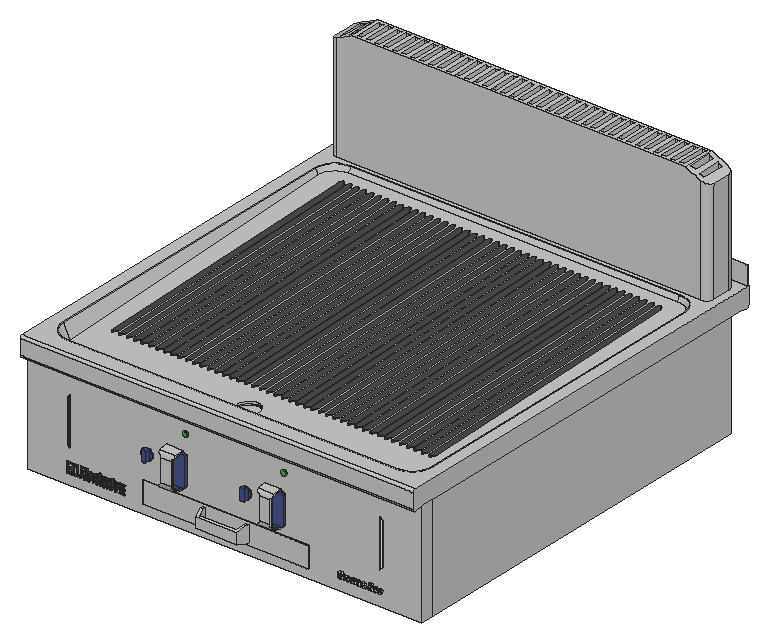
Revit family "QF_ELECTROLUXPROFESSIONAL_593110_MBHNBBHOVO", category Specialty Equipment, Revit 2014 (continued)
Definition of nested family "Front_Panel_W800_Two Knobs_2Spie_Manop"
  Automatic sketch dimensions
    Extrusion 14 sketch curve to Extrusion 14 sketch curve = 0 mm  (x3)
    Extrusion 14 sketch curve to plane 7 = 61.135 mm
    level to Extrusion 14 sketch curve = 751.395 mm
    Extrusion 14 sketch curve to Extrusion 14 sketch curve = 10.583 mm  (x2)
    Extrusion 14 sketch curve to Extrusion 14 sketch curve = 4.5 mm
    plane 3 "Center (Left/Right)" to Extrusion 15 sketch curve = 43.365 mm
    level to Extrusion 15 sketch curve = 761.978 mm
    plane 3 "Center (Left/Right)" to Extrusion 16 sketch curve = 43.365 mm
    level to Extrusion 16 sketch curve = 761.978 mm
    Extrusion 17 sketch curve to Extrusion 17 sketch curve = 0 mm  (x3)
    plane 3 "Center (Left/Right)" to Extrusion 17 sketch curve = 38.865 mm
    level to Extrusion 17 sketch curve = 751.395 mm
    Extrusion 17 sketch curve to Extrusion 17 sketch curve = 10.583 mm  (x2)
    Extrusion 17 sketch curve to Extrusion 17 sketch curve = 4.5 mm
    plane 6 to curve 1 = 0 mm
    curve 10 to plane 8 = 0 mm
    plane 6 to curve 5 = 0 mm
    curve 1 to plane 7 = 66.5 mm
    curve 9 to plane 3 "Center (Left/Right)" = 40.32 mm
    curve 3 to curve 10 = 4.122 mm
    curve 8 to plane 8 = 19.075 mm
    plane 3 "Center (Left/Right)" to curve 8 = 39.357 mm
    curve 7 to curve 4 = 4.122 mm
    plane 12 to curve 2 = 66.5 mm
    curve 4 to curve 7 = 5 mm
    curve 9 to curve 7 = 8.801 mm
    curve 9 to curve 10 = 5.094 mm
    curve 7 to curve 8 = 3.708 mm
    curve 8 to curve 4 = 5.094 mm
    curve 1 to curve 6 = 10 mm
    radius of Extrusion 4 sketch curve = 5 mm
    radius of Extrusion 5 sketch curve = 5 mm
    radius of Extrusion 12 sketch curve = 11.5 mm
    radius of Extrusion 13 sketch curve = 8.098 mm
    radius of Extrusion 15 sketch curve = 11.5 mm
    radius of Extrusion 16 sketch curve = 8.098 mm
  Nested families
    nested 1: "Range Control Handle" at (97.851, -28.137, -209.113) x (-1, 0, 0) z (0, 0, 1), type "Range Control Handle"
    nested 2: "Range Control Handle" at (297.398, -28.137, -209.113), type "Range Control Handle"
    nested 3: "ELX_ThermaLine_Small" at (468.838, -25, 679.426) x (1, 0, 0) z (0, -1, 0), type "ELX_ThermaLine_Small"
      with Show Logo yes, Material_Logo QF_Finishes_Black
    nested 4: "ELX_Professional_Logo_Small" at (-62.89, -25, 681.659) x (1, 0, 0) z (0, -1, 0), type "ELX_Professional_Logo_Small"
      with Show Logo yes, Material_Logo QF_Finishes_Black
  Definition of nested family "Range Control Handle"
    Reference planes
      plane 1 "Center (Front/Back)": y = 0
      plane 2: z = 0
      plane 3 "Center (Left/Right)": x = 0
      plane 4: z = 971.092
      plane 5: y = -16.9
    Forms (mm)
      Extrusion 1, solid, material "QF_Finishes_Electrolux Cyan"
        sketch origin (-746.28, 380.497, 208.931) x (-1, 0, 0) y (0, 0, 1)
          loop
            line (-770.101, 786.798) -> (-770.101, 731.649)
            arc (-770.101, 731.649) -> (-769.759, 730.563) -> (-768.855, 729.87) r 1.893
            line (-768.855, 729.87) -> (-763.474, 727.911) -> (-729.81, 727.911) -> (-724.428, 729.87)
            arc (-724.428, 729.87) -> (-723.525, 730.563) -> (-723.183, 731.649) r 1.893
            line (-723.183, 731.649) -> (-723.183, 786.798)
            arc (-723.183, 786.798) -> (-723.529, 787.894) -> (-724.44, 788.593) r 1.91
            line (-724.44, 788.593) -> (-729.683, 790.819) -> (-763.601, 790.819) -> (-768.844, 788.593)
            arc (-768.844, 788.593) -> (-769.755, 787.894) -> (-770.101, 786.798) r 1.91
        from -382.35 to -378.852
      Sweep 2, solid, material "QF_Finishes_Electrolux Cyan"
        path origin (-746.788, 380.496, 208.091) x (0, -1, 0) y (0, 0, 1)
          loop
            line (379.775, 793.281) -> (395.661, 791.048)
            arc (395.661, 791.048) -> (397.781, 787.377) -> (398.517, 783.202) r 12.207
            line (398.517, 783.202) -> (398.517, 737.368)
            arc (398.517, 737.368) -> (397.781, 733.193) -> (395.661, 729.522) r 12.207
            line (395.661, 729.522) -> (379.775, 727.289)
        profile origin (-746.788, -7.222, 1000.256) x (0, -0.139173, 0.990268) y (-1, 0, 0)
          loop
            line (0.782, -763.123) -> (0.782, -730.907) -> (-1.322, -730.907) -> (-1.322, -763.123) -> (0.782, -763.123)
      Sweep 3, solid, material "QF_Finishes_Stainless Steel"
        path origin (-746.788, 380.715, 207.832) x (0, -1, 0) y (0, 0, 1)
          loop
            line (380.478, 795.442) -> (397.218, 793.09)
            arc (397.218, 793.09) -> (399.929, 788.473) -> (400.871, 783.202) r 15.207
            line (400.871, 783.202) -> (400.871, 737.584)
            arc (400.871, 737.584) -> (399.914, 732.274) -> (397.164, 727.633) r 15.207
            line (397.164, 727.633) -> (380.601, 725.305)
        profile origin (-746.788, -8.132, 1002.099) x (0, -0.139173, 0.990268) y (-1, 0, 0)
          loop
            line (0.782, -763.123) -> (0.782, -730.907) -> (-1.322, -730.907) -> (-1.322, -763.123) -> (0.782, -763.123)
      Extrusion 4, void
        sketch origin (889.253, 220.666, 207.993) x (1, 0, 0) y (0, 0, 1)
          loop
            line (-943.038, 816.854) -> (-943.038, 703.686) -> (-899.466, 734.196) -> (-899.466, 786.344) -> (-943.038, 816.854)
        from 230.636 to 242.25
      Extrusion 5, void
        sketch origin (-888.8, 220.666, 207.993) x (-1, 0, 0) y (0, 0, -1)
          loop
            line (-943.038, -816.854) -> (-899.466, -786.344) -> (-899.466, -734.196) -> (-943.038, -703.686) -> (-943.038, -816.854)
        from 230.636 to 242.25
      Extrusion 6, solid, material "QF_Finishes_Electrolux Cyan"
        sketch origin (0, 0, 0) x (1, 0, 0) y (0, 0, 1)
          loop
            circle (0, 971.092) r 7.736
        from -3.137 to -1.645
    Cuts and joins
      Extrusion 4, Extrusion 5 cuts Sweep 3
      Extrusion 4, Extrusion 5 cuts Sweep 2
      joined: Extrusion 1, Extrusion 6
    Lines and regions (mm)
      symbolic lines
        curve 1: line (16.334, -16.9, 0) -> (16.334, -19.227, 0)
        curve 2: spline (16.334, -19.227, 0) -> (15.87, -19.385, 0) -> (15.404, -19.536, 0) -> (14.936, -19.678, 0) -> (14.466, -19.813, 0) -> (13.995, -19.94, 0) -> (13.523, -20.059, 0) -> (13.049, -20.171, 0) -> (12.575, -20.274, 0) -> (12.099, -20.37, 0) -> (11.622, -20.458, 0) -> (11.144, -20.537, 0) -> (10.666, -20.609, 0)
        curve 3: line (10.666, -16.9, 0) -> (10.666, -20.938, 0)
        curve 4: line (-10.213, -20.938, 0) -> (10.666, -20.938, 0)
        curve 5: line (-10.213, -20.938, 0) -> (-10.213, -16.9, 0)
        curve 6: spline (-10.213, -20.609, 0) -> (-10.691, -20.537, 0) -> (-11.169, -20.458, 0) -> (-11.646, -20.37, 0) -> (-12.122, -20.274, 0) -> (-12.597, -20.171, 0) -> (-13.07, -20.059, 0) -> (-13.542, -19.94, 0) -> (-14.013, -19.813, 0) -> (-14.483, -19.678, 0) -> (-14.951, -19.536, 0) -> (-15.417, -19.385, 0) -> (-15.881, -19.227, 0)
        curve 7: line (-15.881, -19.227, 0) -> (-15.881, -16.9, 0)
  Definition of nested family "ELX_ThermaLine_Small"
    Parameters (values of type "ELX_ThermaLine_Small")
      Show Logo [instance] = yes
      Material_Logo [instance] = QF_Finishes_Black
      Default Elevation = 0 mm
    Reference planes
      plane 1 "Centro (Fronte/Retro)": y = 0
      plane 2: z = 0
      plane 3 "Centro (Sinistra/Destra)": x = 0
    Forms (mm)
      Extrusion 1, solid
        sketch origin (0, 0, 0) x (1, 0, 0) y (0, 1, 0)
          loop
            line (-1219.2, 1219.2) -> (-1219.2, -1219.2) -> (1219.2, -1219.2) -> (1219.2, 1219.2) -> (-1219.2, 1219.2)
        from 0 to -304.8
      Extrusion 2, solid, material "QF_Finishes_White"
        sketch origin (0, 0, 0) x (1, 0, 0) y (0, 1, 0)
          loop
            line (-37.494, 1.229) -> (-35.908, 1.229) -> (-35.908, 3.066) -> (-37.494, 3.066) -> (-37.494, 6.221) -> (-39.867, 4.881) -> (-39.867, 3.066) -> (-40.969, 3.066) -> (-40.969, 1.229) -> (-39.867, 1.229) -> (-39.867, -3.407)
            arc (-39.867, -3.407) -> (-38.982, -5.513) -> (-36.751, -6.001) r 2.478
            line (-36.751, -6.001) -> (-35.638, -5.7) -> (-35.9, -3.835) -> (-36.661, -4.039)
            arc (-36.661, -4.039) -> (-37.236, -3.924) -> (-37.494, -3.399) r 0.662
            line (-37.494, -3.399) -> (-37.494, 1.229)
          loop
            line (-34.242, 6.539) -> (-34.242, -5.848) -> (-31.854, -5.848) -> (-31.854, -0.078)
            arc (-31.854, -0.078) -> (-30.939, 1.249) -> (-29.33, 1.367) r 1.866
            arc (-29.33, 1.367) -> (-28.695, 0.768) -> (-28.461, -0.073) r 1.627
            line (-28.461, -0.073) -> (-28.461, -5.848) -> (-26.086, -5.848) -> (-26.064, -0.46)
            arc (-26.064, -0.46) -> (-26.261, 0.932) -> (-26.786, 2.237) r 5.825
            arc (-26.786, 2.237) -> (-29.381, 3.264) -> (-31.854, 1.971) r 3.353
            line (-31.854, 1.971) -> (-31.854, 6.539) -> (-34.242, 6.539)
          loop
            arc (-18.398, -0.598) -> (-18.893, 0.879) -> (-20.326, 1.487) r 1.897
            arc (-20.326, 1.487) -> (-21.461, 0.708) -> (-21.897, -0.598) r 2.164
            line (-21.897, -0.598) -> (-18.398, -0.598)
          loop
            arc (-16.021, -2.044) -> (-16.754, 1.227) -> (-19.444, 3.226) r 4.814
            arc (-19.444, 3.226) -> (-22.137, 2.788) -> (-23.943, 0.743) r 4.054
            arc (-23.943, 0.743) -> (-24.382, -1.249) -> (-24.162, -3.276) r 6.289
            arc (-24.162, -3.276) -> (-23.302, -4.71) -> (-21.958, -5.705) r 4.28
            arc (-21.958, -5.705) -> (-18.558, -5.814) -> (-16.152, -3.409) r 4.28
            line (-16.152, -3.409) -> (-18.5, -2.995)
            arc (-18.5, -2.995) -> (-19.273, -3.994) -> (-20.533, -4.076) r 1.536
            arc (-20.533, -4.076) -> (-21.56, -3.281) -> (-21.958, -2.044) r 2.197
            line (-21.958, -2.044) -> (-16.021, -2.044)
          loop
            line (-14.165, -5.848) -> (-11.819, -5.848) -> (-11.819, -2.138)
            arc (-11.819, -2.138) -> (-11.787, -1.156) -> (-11.637, -0.185) r 8.18
            arc (-11.637, -0.185) -> (-10.644, 0.972) -> (-9.132, 0.776) r 1.603
            line (-9.132, 0.776) -> (-8.419, 2.846)
            arc (-8.419, 2.846) -> (-10.432, 3.118) -> (-11.994, 1.821) r 2.527
            line (-11.994, 1.821) -> (-11.994, 3.094) -> (-14.165, 3.094) -> (-14.165, -5.848)
          loop
            line (-7.579, 3.094) -> (-7.579, -5.848) -> (-5.178, -5.848) -> (-5.178, -0.756)
            arc (-5.178, -0.756) -> (-4.727, 0.679) -> (-3.417, 1.419) r 2.05
            arc (-3.417, 1.419) -> (-2.499, 0.908) -> (-2.155, -0.085) r 1.471
            line (-2.155, -0.085) -> (-2.155, -5.848) -> (0.23, -5.848) -> (0.23, -1.001)
            arc (0.23, -1.001) -> (0.47, 0.127) -> (1.148, 1.061) r 2.775
            arc (1.148, 1.061) -> (2.225, 1.329) -> (3.05, 0.587) r 1.182
            arc (3.05, 0.587) -> (3.199, -0.019) -> (3.214, -0.642) r 2.894
            line (3.214, -0.642) -> (3.214, -5.848) -> (5.601, -5.848) -> (5.601, 0.261)
            arc (5.601, 0.261) -> (4.87, 2.263) -> (2.976, 3.241) r 2.932
            arc (2.976, 3.241) -> (1.284, 2.973) -> (-0.047, 1.896) r 3.309
            arc (-0.047, 1.896) -> (-1.116, 2.865) -> (-2.506, 3.258) r 3.16
            arc (-2.506, 3.258) -> (-4.105, 2.942) -> (-5.376, 1.92) r 3.419
            line (-5.376, 1.92) -> (-5.376, 3.094) -> (-7.579, 3.094)
          loop
            line (7.583, 0.738) -> (9.702, 0.364)
            arc (9.702, 0.364) -> (11.441, 1.492) -> (12.855, -0.023) r 1.613
            line (12.855, -0.023) -> (9.782, -0.789)
            arc (9.782, -0.789) -> (8.559, -1.346) -> (7.617, -2.305) r 3.687
            arc (7.617, -2.305) -> (7.499, -3.681) -> (7.901, -5.003) r 3.651
            arc (7.901, -5.003) -> (9.107, -5.766) -> (10.515, -6.006) r 3.635
            arc (10.515, -6.006) -> (11.898, -5.697) -> (13.067, -4.895) r 3.734
            line (13.067, -4.895) -> (13.376, -5.848) -> (15.75, -5.848) -> (15.212, -4.193) -> (15.212, 0.38)
            arc (15.212, 0.38) -> (14.897, 1.849) -> (13.818, 2.895) r 2.585
            arc (13.818, 2.895) -> (11.792, 3.442) -> (9.719, 3.11) r 5.005
            arc (9.719, 3.11) -> (8.369, 2.178) -> (7.583, 0.738) r 3.54
          loop
            line (19.723, -5.848) -> (22.233, -5.848) -> (24.854, 6.484) -> (22.345, 6.484) -> (19.723, -5.848)
          loop
            line (24.583, -5.848) -> (26.953, -5.848) -> (28.848, 3.066) -> (26.478, 3.066) -> (24.583, -5.848)
          loop
            line (27.204, 6.484) -> (26.741, 4.305) -> (29.111, 4.305) -> (29.575, 6.484) -> (27.204, 6.484)
          loop
            line (29.355, -5.848) -> (31.849, -5.848) -> (33.098, 0.028)
            arc (33.098, 0.028) -> (34.169, 1.306) -> (35.832, 1.422) r 2.132
            arc (35.832, 1.422) -> (36.324, 0.752) -> (36.383, -0.078) r 1.5
            line (36.383, -0.078) -> (35.157, -5.848) -> (37.536, -5.848) -> (38.936, 0.738)
            arc (38.936, 0.738) -> (38.775, 2.091) -> (37.825, 3.066) r 2.118
            arc (37.825, 3.066) -> (35.392, 3.175) -> (33.295, 1.937) r 4.271
            line (33.295, 1.937) -> (33.535, 3.066) -> (31.25, 3.066) -> (29.355, -5.848)
          loop
            line (42.792, -0.64) -> (46.589, -0.64)
            arc (46.589, -0.64) -> (46.639, 0.124) -> (46.327, 0.823) r 1.589
            arc (46.327, 0.823) -> (45.117, 1.521) -> (43.762, 1.183) r 1.865
            arc (43.762, 1.183) -> (43.141, 0.344) -> (42.792, -0.64) r 3.538
          loop
            line (42.565, -2.138) -> (48.593, -2.138)
            arc (48.593, -2.138) -> (48.58, 0.597) -> (46.983, 2.818) r 4.494
            arc (46.983, 2.818) -> (44.191, 3.28) -> (41.725, 1.891) r 4.26
            arc (41.725, 1.891) -> (40.503, -0.3) -> (40.284, -2.799) r 6.003
            arc (40.284, -2.799) -> (40.959, -4.468) -> (42.377, -5.576) r 3.482
            arc (42.377, -5.576) -> (44.265, -5.961) -> (46.152, -5.576) r 4.823
            arc (46.152, -5.576) -> (47.432, -4.731) -> (48.328, -3.485) r 4.245
            line (48.328, -3.485) -> (46.168, -3.105)
            arc (46.168, -3.105) -> (45.214, -4.072) -> (43.859, -4.181) r 1.953
            arc (43.859, -4.181) -> (42.821, -3.408) -> (42.565, -2.138) r 1.81
          loop
            line (12.868, -1.553) -> (10.216, -2.214)
            arc (10.216, -2.214) -> (9.747, -3.136) -> (10.216, -4.058) r 1.14
            arc (10.216, -4.058) -> (11.537, -4.249) -> (12.614, -3.46) r 1.763
            arc (12.614, -3.46) -> (12.858, -2.522) -> (12.868, -1.553) r 3.97
        from 0 to 1.6
    Dimensions and locks
      aligned and locked: plane 2 to Extrusion 1
      aligned and locked: level to Extrusion 1
  Definition of nested family "ELX_Professional_Logo_Small"
    Parameters (values of type "ELX_Professional_Logo_Small")
      Show Logo [instance] = yes
      Material_Logo [instance] = QF_Finishes_Black
      Default Elevation = 0 mm
    Reference planes
      plane 1 "Centro (Fronte/Retro)": y = 0
      plane 2: z = 0
      plane 3 "Centro (Sinistra/Destra)": x = 0
    Forms (mm)
      Extrusion 1, solid
        sketch origin (0, 0, 0) x (1, 0, 0) y (0, 1, 0)
          loop
            line (-1219.2, 1219.2) -> (-1219.2, -1219.2) -> (1219.2, -1219.2) -> (1219.2, 1219.2) -> (-1219.2, 1219.2)
        from 0 to -304.8
      Extrusion 2, solid, material "QF_Finishes_Black" <- "Material_Logo"
        sketch origin (15.5, 0, 0) x (1, 0, 0) y (0, 1, 0)
          loop
            spline (-42.99, -1.24) -> (-43.195, -1.231) -> (-43.415, -1.203) -> (-43.642, -1.152) -> (-43.87, -1.074) -> (-44.095, -0.966) -> (-44.309, -0.825) -> (-44.506, -0.647) -> (-44.681, -0.429) -> (-44.828, -0.167) -> (-44.94, 0.142) -> (-45.011, 0.501) -> (-45.037, 0.915)
            line (-45.037, 0.915) -> (-45.037, 2.748) -> (-38.984, 2.748) -> (-38.984, 5.086) -> (-45.038, 5.086) -> (-45.038, 8.489) -> (-38.599, 8.489) -> (-38.599, 10.82) -> (-47.515, 10.82) -> (-47.515, 1.021)
            spline (-47.515, 1.021) -> (-47.493, 0.418) -> (-47.425, -0.15) -> (-47.311, -0.682) -> (-47.15, -1.175) -> (-46.939, -1.628) -> (-46.678, -2.038) -> (-46.365, -2.404) -> (-46, -2.723) -> (-45.58, -2.995) -> (-45.105, -3.216) -> (-44.573, -3.385) -> (-43.983, -3.499)
            line (-43.983, -3.499) -> (-43.01, -3.569) -> (-38.426, -3.569) -> (-38.426, -1.24) -> (-42.99, -1.24)
          loop
            line (-36.666, 4.021) -> (-36.666, -3.573) -> (-34.188, -3.573) -> (-34.188, 10.824) -> (-36.666, 10.824) -> (-36.666, 4.021)
          loop
            spline (-21.915, 1.897) -> (-21.957, 2.615) -> (-22.082, 3.303) -> (-22.285, 3.955) -> (-22.563, 4.564) -> (-22.913, 5.124) -> (-23.331, 5.629) -> (-23.814, 6.074) -> (-24.359, 6.451) -> (-24.961, 6.755) -> (-25.618, 6.98) -> (-26.326, 7.119) -> (-27.081, 7.167)
            spline (-27.081, 7.167) -> (-27.853, 7.122) -> (-28.586, 6.99) -> (-29.275, 6.774) -> (-29.915, 6.478) -> (-30.5, 6.104) -> (-31.024, 5.657) -> (-31.483, 5.138) -> (-31.871, 4.553) -> (-32.182, 3.904) -> (-32.411, 3.194) -> (-32.552, 2.427) -> (-32.6, 1.606)
            spline (-32.6, 1.606) -> (-32.553, 0.805) -> (-32.416, 0.057) -> (-32.193, -0.637) -> (-31.887, -1.271) -> (-31.504, -1.843) -> (-31.048, -2.35) -> (-30.523, -2.788) -> (-29.934, -3.154) -> (-29.284, -3.444) -> (-28.579, -3.656) -> (-27.822, -3.785) -> (-27.019, -3.829)
            spline (-27.019, -3.829) -> (-26.627, -3.82) -> (-26.239, -3.79) -> (-25.856, -3.739) -> (-25.477, -3.663) -> (-25.103, -3.562) -> (-24.734, -3.432) -> (-24.369, -3.273) -> (-24.01, -3.082) -> (-23.655, -2.858) -> (-23.305, -2.597) -> (-22.96, -2.299) -> (-22.621, -1.962)
            line (-22.621, -1.962) -> (-24.114, -0.509)
            spline (-24.114, -0.509) -> (-24.311, -0.699) -> (-24.509, -0.872) -> (-24.71, -1.03) -> (-24.915, -1.172) -> (-25.126, -1.297) -> (-25.346, -1.407) -> (-25.576, -1.5) -> (-25.817, -1.576) -> (-26.072, -1.636) -> (-26.342, -1.678) -> (-26.629, -1.704) -> (-26.936, -1.713)
            spline (-26.936, -1.713) -> (-27.384, -1.691) -> (-27.805, -1.625) -> (-28.196, -1.518) -> (-28.556, -1.372) -> (-28.882, -1.187) -> (-29.174, -0.966) -> (-29.429, -0.71) -> (-29.645, -0.422) -> (-29.821, -0.102) -> (-29.955, 0.247) -> (-30.045, 0.623) -> (-30.089, 1.026)
            line (-30.089, 1.026) -> (-21.956, 1.026) -> (-21.915, 1.897)
          loop
            spline (-24.446, 2.769) -> (-24.47, 3.075) -> (-24.54, 3.37) -> (-24.654, 3.65) -> (-24.807, 3.913) -> (-24.996, 4.156) -> (-25.219, 4.376) -> (-25.472, 4.57) -> (-25.753, 4.736) -> (-26.057, 4.869) -> (-26.382, 4.968) -> (-26.724, 5.03) -> (-27.081, 5.051)
            spline (-27.081, 5.051) -> (-27.464, 5.03) -> (-27.832, 4.97) -> (-28.183, 4.872) -> (-28.513, 4.74) -> (-28.819, 4.577) -> (-29.099, 4.384) -> (-29.347, 4.165) -> (-29.563, 3.923) -> (-29.742, 3.659) -> (-29.881, 3.377) -> (-29.977, 3.079) -> (-30.027, 2.769)
            line (-30.027, 2.769) -> (-24.446, 2.769)
          loop
            spline (-18.167, 1.669) -> (-18.138, 2.13) -> (-18.055, 2.567) -> (-17.921, 2.978) -> (-17.739, 3.358) -> (-17.512, 3.705) -> (-17.243, 4.016) -> (-16.937, 4.287) -> (-16.596, 4.517) -> (-16.223, 4.7) -> (-15.823, 4.835) -> (-15.398, 4.919) -> (-14.951, 4.947)
            spline (-14.951, 4.947) -> (-14.677, 4.938) -> (-14.414, 4.913) -> (-14.162, 4.871) -> (-13.921, 4.812) -> (-13.69, 4.738) -> (-13.467, 4.649) -> (-13.254, 4.544) -> (-13.048, 4.424) -> (-12.85, 4.291) -> (-12.659, 4.143) -> (-12.474, 3.981) -> (-12.295, 3.806)
            line (-12.295, 3.806) -> (-10.76, 5.403)
            spline (-10.76, 5.403) -> (-11.065, 5.709) -> (-11.38, 5.984) -> (-11.703, 6.228) -> (-12.035, 6.443) -> (-12.375, 6.63) -> (-12.723, 6.788) -> (-13.078, 6.92) -> (-13.44, 7.026) -> (-13.809, 7.107) -> (-14.184, 7.164) -> (-14.564, 7.198) -> (-14.951, 7.209)
            spline (-14.951, 7.209) -> (-15.725, 7.161) -> (-16.467, 7.02) -> (-17.169, 6.792) -> (-17.826, 6.482) -> (-18.43, 6.096) -> (-18.976, 5.637) -> (-19.455, 5.112) -> (-19.862, 4.525) -> (-20.19, 3.882) -> (-20.433, 3.189) -> (-20.584, 2.449) -> (-20.635, 1.669)
            spline (-20.635, 1.669) -> (-20.584, 0.889) -> (-20.433, 0.149) -> (-20.19, -0.545) -> (-19.862, -1.187) -> (-19.455, -1.774) -> (-18.976, -2.299) -> (-18.43, -2.758) -> (-17.826, -3.145) -> (-17.169, -3.454) -> (-16.467, -3.682) -> (-15.725, -3.823) -> (-14.951, -3.871)
            spline (-14.951, -3.871) -> (-14.564, -3.86) -> (-14.184, -3.826) -> (-13.809, -3.77) -> (-13.44, -3.689) -> (-13.078, -3.583) -> (-12.723, -3.451) -> (-12.375, -3.292) -> (-12.035, -3.105) -> (-11.703, -2.89) -> (-11.38, -2.646) -> (-11.065, -2.371) -> (-10.76, -2.066)
            line (-10.76, -2.066) -> (-12.295, -0.468)
            spline (-12.295, -0.468) -> (-12.474, -0.643) -> (-12.659, -0.805) -> (-12.85, -0.953) -> (-13.048, -1.087) -> (-13.254, -1.206) -> (-13.467, -1.311) -> (-13.69, -1.4) -> (-13.921, -1.475) -> (-14.162, -1.533) -> (-14.414, -1.575) -> (-14.677, -1.6) -> (-14.951, -1.609)
            spline (-14.951, -1.609) -> (-15.398, -1.581) -> (-15.823, -1.497) -> (-16.223, -1.362) -> (-16.596, -1.179) -> (-16.937, -0.95) -> (-17.243, -0.678) -> (-17.512, -0.367) -> (-17.739, -0.02) -> (-17.921, 0.36) -> (-18.055, 0.771) -> (-18.138, 1.208) -> (-18.167, 1.669)
          loop
            spline (-4.441, -1.243) -> (-4.659, -1.247) -> (-4.894, -1.23) -> (-5.137, -1.19) -> (-5.384, -1.121) -> (-5.628, -1.021) -> (-5.864, -0.884) -> (-6.084, -0.708) -> (-6.283, -0.488) -> (-6.454, -0.219) -> (-6.592, 0.101) -> (-6.69, 0.478) -> (-6.742, 0.914)
            line (-6.742, 0.914) -> (-6.742, 4.587) -> (-4.487, 4.587) -> (-4.487, 6.838) -> (-6.738, 6.838) -> (-6.738, 10.824) -> (-9.217, 10.824) -> (-9.217, 0.773)
            spline (-9.217, 0.773) -> (-9.164, 0.19) -> (-9.068, -0.358) -> (-8.928, -0.87) -> (-8.742, -1.343) -> (-8.511, -1.777) -> (-8.232, -2.168) -> (-7.904, -2.515) -> (-7.527, -2.816) -> (-7.098, -3.069) -> (-6.618, -3.273) -> (-6.084, -3.426) -> (-5.496, -3.525)
            line (-5.496, -3.525) -> (-4.45, -3.573) -> (-4.441, -1.243)
          loop
            spline (3.898, 6.983) -> (3.469, 7.009) -> (3.056, 7.001) -> (2.661, 6.961) -> (2.283, 6.888) -> (1.925, 6.785) -> (1.588, 6.652) -> (1.272, 6.49) -> (0.979, 6.301) -> (0.71, 6.085) -> (0.465, 5.844) -> (0.247, 5.578) -> (0.056, 5.289)
            line (0.056, 5.289) -> (0.056, 6.838) -> (-2.402, 6.838) -> (-2.402, -3.572) -> (0.056, -3.572) -> (0.056, 1.901)
            spline (0.056, 1.901) -> (0.079, 2.316) -> (0.145, 2.703) -> (0.254, 3.06) -> (0.404, 3.386) -> (0.592, 3.679) -> (0.818, 3.938) -> (1.08, 4.162) -> (1.375, 4.348) -> (1.703, 4.495) -> (2.062, 4.602) -> (2.45, 4.668) -> (2.865, 4.69)
            line (2.865, 4.69) -> (3.898, 4.586) -> (3.898, 6.983)
          loop
            spline (15.638, 1.633) -> (15.586, 2.396) -> (15.435, 3.124) -> (15.192, 3.81) -> (14.863, 4.449) -> (14.455, 5.034) -> (13.975, 5.56) -> (13.43, 6.021) -> (12.826, 6.411) -> (12.17, 6.724) -> (11.469, 6.955) -> (10.729, 7.098) -> (9.958, 7.147)
            spline (9.958, 7.147) -> (9.182, 7.098) -> (8.44, 6.955) -> (7.737, 6.724) -> (7.081, 6.411) -> (6.477, 6.021) -> (5.933, 5.56) -> (5.454, 5.034) -> (5.048, 4.449) -> (4.721, 3.81) -> (4.479, 3.124) -> (4.329, 2.396) -> (4.277, 1.633)
            spline (4.277, 1.633) -> (4.329, 0.869) -> (4.479, 0.141) -> (4.721, -0.544) -> (5.048, -1.183) -> (5.454, -1.768) -> (5.933, -2.294) -> (6.477, -2.755) -> (7.081, -3.145) -> (7.737, -3.459) -> (8.44, -3.69) -> (9.182, -3.833) -> (9.958, -3.882)
            spline (9.958, -3.882) -> (10.729, -3.833) -> (11.469, -3.69) -> (12.17, -3.459) -> (12.826, -3.145) -> (13.43, -2.755) -> (13.975, -2.294) -> (14.455, -1.768) -> (14.863, -1.183) -> (15.192, -0.544) -> (15.435, 0.141) -> (15.586, 0.869) -> (15.638, 1.633)
          loop
            spline (13.18, 1.633) -> (13.151, 2.083) -> (13.067, 2.513) -> (12.932, 2.918) -> (12.748, 3.296) -> (12.52, 3.642) -> (12.251, 3.954) -> (11.943, 4.227) -> (11.601, 4.459) -> (11.228, 4.645) -> (10.828, 4.782) -> (10.403, 4.867) -> (9.958, 4.896)
            spline (9.958, 4.896) -> (9.509, 4.867) -> (9.081, 4.782) -> (8.679, 4.645) -> (8.306, 4.459) -> (7.964, 4.227) -> (7.658, 3.954) -> (7.39, 3.642) -> (7.163, 3.296) -> (6.981, 2.918) -> (6.847, 2.513) -> (6.765, 2.083) -> (6.736, 1.633)
            spline (6.736, 1.633) -> (6.765, 1.182) -> (6.847, 0.753) -> (6.981, 0.347) -> (7.163, -0.031) -> (7.39, -0.377) -> (7.658, -0.689) -> (7.964, -0.962) -> (8.306, -1.193) -> (8.679, -1.38) -> (9.081, -1.517) -> (9.509, -1.602) -> (9.958, -1.631)
            spline (9.958, -1.631) -> (10.403, -1.602) -> (10.828, -1.517) -> (11.228, -1.38) -> (11.601, -1.193) -> (11.943, -0.962) -> (12.251, -0.689) -> (12.52, -0.377) -> (12.748, -0.031) -> (12.932, 0.347) -> (13.067, 0.753) -> (13.151, 1.182) -> (13.18, 1.633)
          loop
            line (17.162, 4.269) -> (17.162, -3.573) -> (19.642, -3.573) -> (19.642, 10.824) -> (17.162, 10.824) -> (17.162, 4.269)
          loop
            line (28.581, 6.838) -> (28.581, 0.786)
            spline (28.581, 0.786) -> (28.561, 0.393) -> (28.503, 0.038) -> (28.409, -0.279) -> (28.281, -0.559) -> (28.122, -0.802) -> (27.933, -1.011) -> (27.717, -1.185) -> (27.476, -1.325) -> (27.213, -1.433) -> (26.929, -1.509) -> (26.626, -1.554) -> (26.308, -1.569)
            spline (26.308, -1.569) -> (25.99, -1.554) -> (25.688, -1.509) -> (25.404, -1.434) -> (25.141, -1.326) -> (24.9, -1.187) -> (24.684, -1.014) -> (24.496, -0.807) -> (24.336, -0.565) -> (24.209, -0.288) -> (24.115, 0.026) -> (24.057, 0.376) -> (24.037, 0.765)
            line (24.037, 0.765) -> (24.037, 6.838) -> (21.537, 6.838) -> (21.537, 0.558)
            spline (21.537, 0.558) -> (21.581, -0.153) -> (21.71, -0.8) -> (21.916, -1.384) -> (22.195, -1.904) -> (22.54, -2.362) -> (22.944, -2.757) -> (23.403, -3.09) -> (23.909, -3.362) -> (24.456, -3.572) -> (25.04, -3.722) -> (25.652, -3.811) -> (26.288, -3.841)
            spline (26.288, -3.841) -> (26.929, -3.811) -> (27.547, -3.72) -> (28.135, -3.568) -> (28.687, -3.355) -> (29.197, -3.079) -> (29.66, -2.741) -> (30.068, -2.341) -> (30.415, -1.877) -> (30.696, -1.349) -> (30.905, -0.757) -> (31.034, -0.101) -> (31.079, 0.621)
            line (31.079, 0.621) -> (31.079, 6.838) -> (28.581, 6.838)
          loop
            line (40.457, -0.243) -> (38.894, 1.942) -> (40.83, 4.579) -> (42.488, 6.837) -> (39.782, 6.837) -> (37.53, 3.719) -> (35.258, 6.837) -> (32.573, 6.837) -> (34.113, 4.731) -> (36.167, 1.922) -> (34.014, -1.076) -> (32.222, -3.573) -> (34.887, -3.573) -> (37.53, 0.104) -> (40.174, -3.573) -> (42.839, -3.573) -> (40.457, -0.243)
          loop
            line (-46.121, -5.837) -> (-48.039, -5.837) -> (-48.039, -10.814) -> (-47.016, -10.814) -> (-47.016, -9.128) -> (-46.121, -9.128)
            arc (-46.121, -9.128) -> (-44.476, -7.482) -> (-46.121, -5.837) r 1.645
          loop
            line (-46.163, -6.778) -> (-47.016, -6.778) -> (-47.016, -8.187) -> (-46.163, -8.187)
            arc (-46.163, -8.187) -> (-45.458, -7.482) -> (-46.163, -6.778) r 0.704
          loop
            line (-38.313, -5.837) -> (-40.265, -5.837) -> (-40.265, -10.814) -> (-39.241, -10.814) -> (-39.241, -9.1) -> (-38.46, -9.182) -> (-37.48, -10.814) -> (-36.318, -10.814) -> (-37.513, -8.848)
            arc (-37.513, -8.848) -> (-36.888, -8.266) -> (-36.671, -7.441) r 1.536
            arc (-36.671, -7.441) -> (-37.165, -6.305) -> (-38.313, -5.837) r 1.643
          loop
            arc (-38.402, -8.166) -> (-37.707, -7.505) -> (-38.334, -6.778) r 0.696
            line (-38.334, -6.778) -> (-39.241, -6.778) -> (-39.241, -8.166) -> (-38.402, -8.166)
          loop
            circle (-29.965, -8.325) r 2.585
          loop
            circle (-29.965, -8.325) r 1.64
          loop
            line (-23.1, -5.837) -> (-23.1, -10.814) -> (-22.076, -10.814) -> (-22.076, -8.768) -> (-20.204, -8.768) -> (-20.204, -7.828) -> (-22.076, -7.828) -> (-22.076, -6.778) -> (-20.024, -6.778) -> (-20.024, -5.837) -> (-23.1, -5.837)
          loop
            line (-15.802, -5.837) -> (-15.802, -9.2)
            arc (-15.802, -9.2) -> (-15.343, -10.34) -> (-14.209, -10.814) r 1.593
            line (-14.209, -10.814) -> (-12.602, -10.814) -> (-12.602, -10.027) -> (-14.004, -10.027)
            arc (-14.004, -10.027) -> (-14.552, -9.8) -> (-14.779, -9.252) r 0.775
            line (-14.779, -9.252) -> (-14.779, -8.424) -> (-12.789, -8.424) -> (-12.789, -7.642) -> (-14.779, -7.642) -> (-14.779, -6.778) -> (-12.651, -6.778) -> (-12.651, -5.837) -> (-15.802, -5.837)
          loop
            line (-5.909, -7.143) -> (-5.173, -6.638)
            arc (-5.173, -6.638) -> (-5.855, -5.974) -> (-6.781, -5.755) r 1.782
            arc (-6.781, -5.755) -> (-7.397, -5.878) -> (-7.944, -6.189) r 1.974
            arc (-7.944, -6.189) -> (-8.202, -6.5) -> (-8.317, -6.888) r 1.013
            arc (-8.317, -6.888) -> (-8.306, -7.341) -> (-8.192, -7.78) r 1.985
            arc (-8.192, -7.78) -> (-7.749, -8.259) -> (-7.171, -8.563) r 1.928
            arc (-7.171, -8.563) -> (-6.637, -8.779) -> (-6.131, -9.056) r 5.041
            arc (-6.131, -9.056) -> (-5.934, -9.387) -> (-6.09, -9.74) r 0.42
            arc (-6.09, -9.74) -> (-6.631, -9.96) -> (-7.204, -9.845) r 1.016
            arc (-7.204, -9.845) -> (-7.625, -9.603) -> (-7.889, -9.196) r 1.033
            line (-7.889, -9.196) -> (-8.67, -9.686)
            arc (-8.67, -9.686) -> (-8.361, -10.198) -> (-7.908, -10.589) r 1.914
            arc (-7.908, -10.589) -> (-7.334, -10.834) -> (-6.714, -10.896) r 2.063
            arc (-6.714, -10.896) -> (-5.947, -10.743) -> (-5.256, -10.376) r 2.696
            arc (-5.256, -10.376) -> (-4.95, -9.565) -> (-5.108, -8.712) r 1.618
            arc (-5.108, -8.712) -> (-5.448, -8.319) -> (-5.884, -8.035) r 1.876
            arc (-5.884, -8.035) -> (-6.434, -7.789) -> (-6.999, -7.577) r 9.883
            arc (-6.999, -7.577) -> (-7.325, -7.07) -> (-6.854, -6.694) r 0.45
            arc (-6.854, -6.694) -> (-6.329, -6.809) -> (-5.909, -7.143) r 1.197
          loop
            line (1.61, -7.143) -> (2.345, -6.638)
            arc (2.345, -6.638) -> (1.663, -5.974) -> (0.737, -5.755) r 1.782
            arc (0.737, -5.755) -> (0.121, -5.878) -> (-0.425, -6.189) r 1.974
            arc (-0.425, -6.189) -> (-0.683, -6.5) -> (-0.799, -6.888) r 1.013
            arc (-0.799, -6.888) -> (-0.788, -7.341) -> (-0.674, -7.78) r 1.985
            arc (-0.674, -7.78) -> (-0.231, -8.259) -> (0.347, -8.563) r 1.928
            arc (0.347, -8.563) -> (0.881, -8.779) -> (1.387, -9.056) r 5.041
            arc (1.387, -9.056) -> (1.584, -9.387) -> (1.428, -9.74) r 0.42
            arc (1.428, -9.74) -> (0.887, -9.96) -> (0.314, -9.845) r 1.016
            arc (0.314, -9.845) -> (-0.107, -9.603) -> (-0.371, -9.196) r 1.033
            line (-0.371, -9.196) -> (-1.152, -9.686)
            arc (-1.152, -9.686) -> (-0.842, -10.198) -> (-0.39, -10.589) r 1.914
            arc (-0.39, -10.589) -> (0.184, -10.834) -> (0.804, -10.896) r 2.063
            arc (0.804, -10.896) -> (1.572, -10.743) -> (2.263, -10.376) r 2.696
            arc (2.263, -10.376) -> (2.568, -9.565) -> (2.411, -8.712) r 1.618
            arc (2.411, -8.712) -> (2.07, -8.319) -> (1.635, -8.035) r 1.876
            arc (1.635, -8.035) -> (1.084, -7.789) -> (0.519, -7.577) r 9.883
            arc (0.519, -7.577) -> (0.193, -7.07) -> (0.665, -6.694) r 0.45
            arc (0.665, -6.694) -> (1.189, -6.809) -> (1.61, -7.143) r 1.197
          loop
            line (6.801, -5.837) -> (6.801, -10.814) -> (7.825, -10.814) -> (7.825, -5.837) -> (6.801, -5.837)
          loop
            circle (14.724, -8.325) r 1.548
          loop
            circle (14.724, -8.325) r 2.585
          loop
            line (21.59, -10.814) -> (22.623, -10.814) -> (22.623, -7.685) -> (24.9, -10.814) -> (25.895, -10.814) -> (25.895, -5.837) -> (24.861, -5.837) -> (24.861, -9.061) -> (22.585, -5.837) -> (21.59, -5.837) -> (21.59, -10.814)
          loop
            line (31.054, -10.814) -> (31.539, -9.74) -> (33.38, -9.74) -> (33.865, -10.814) -> (34.965, -10.814) -> (32.46, -5.837) -> (29.956, -10.814) -> (31.054, -10.814)
          loop
            line (32.46, -7.698) -> (31.999, -8.719) -> (32.921, -8.719) -> (32.46, -7.698)
          loop
            line (40.047, -9.873) -> (40.047, -5.837) -> (39.024, -5.837) -> (39.024, -10.814) -> (41.961, -10.814) -> (41.961, -9.873) -> (40.047, -9.873)
          loop
            line (-74.986, -10.814) -> (-53.322, -10.814) -> (-53.322, 10.82) -> (-74.986, 10.82) -> (-74.986, -10.814)
          loop
            line (-61.261, 9.758) -> (-61.261, -9.707)
            arc (-61.261, -9.707) -> (-54.066, 0.025) -> (-61.261, 9.758) r 10.18
          loop
            line (-62.251, 8.349) -> (-62.251, 9.758)
            arc (-62.251, 9.758) -> (-70.347, 7.918) -> (-74.247, 0.59) r 9.976
            line (-74.247, 0.59) -> (-71.026, 0.59)
            arc (-71.026, 0.59) -> (-65.274, 2.925) -> (-62.251, 8.349) r 9.351
          loop
            arc (-74.247, -0.539) -> (-70.353, -7.928) -> (-62.251, -9.957) r 10.237
            line (-62.251, -9.957) -> (-62.251, -8.298)
            arc (-62.251, -8.298) -> (-65.274, -2.874) -> (-71.026, -0.539) r 9.351
            line (-71.026, -0.539) -> (-74.247, -0.539)
        from 0 to 1.644
    Dimensions and locks
      aligned and locked: plane 2 to Extrusion 1
      aligned and locked: level to Extrusion 1
Definition of nested family "Rib_D12"
  Parameters (values of type "Rib_D12")
    Show Clearance [instance] = yes
    Model = ""
    Lenght [instance] = 588 mm
    Default Elevation = 0 mm
  Reference planes
    plane 1 "Center (Front/Back)": y = -11.07
    plane 2: z = 0
    plane 3 "Center (Left/Right)": x = 0
    plane 4 "Back": y = 282.93
    plane 5 "Front": y = -305.07
  Forms (mm)
    Extrusion 1, solid
      sketch origin (0, -919.2, 0) x (1, 0, 0) y (0, 1, 0)
        loop
          line (-198.75, 1399.2) -> (-198.75, 386.445) -> (165.741, 386.445) -> (165.741, 1399.2) -> (-198.75, 1399.2)
      from 0 to -59.546
    Extrusion 2, solid, material "QF_Finishes_Black"
      sketch origin (0, -11.07, -267.484) x (1, 0, 0) y (0, 0, 1)
        loop
          line (-6, 267.484) -> (6, 267.484)
          arc (6, 267.484) -> (0, 269.184) -> (-6, 267.484) r 11.438
      from -294 to 294
    Extrusion 3, void
      sketch origin (0, 0, 0) x (1, 0, 0) y (0, 1, 0)
        loop
          line (-6, 274.93) -> (-2.484, 281.02)
          arc (-2.484, 281.02) -> (0, 282.454) -> (2.484, 281.02) r 2.868
          line (2.484, 281.02) -> (6, 274.93) -> (6, 282.93) -> (-6, 282.93) -> (-6, 274.93)
        loop
          line (-6, -297.07) -> (-6, -305.07) -> (6, -305.07) -> (6, -297.07) -> (2.484, -303.16)
          arc (2.484, -303.16) -> (0, -304.594) -> (-2.484, -303.16) r 2.868
          line (-2.484, -303.16) -> (-6, -297.07)
      from 0 to 2
  Cuts and joins
    Extrusion 3 cuts Extrusion 2
  Lines and regions (mm)
    symbolic lines
      curve 1: line (64.247, -11.07, 0) -> (64.247, -11.07, 4)
      curve 2: line (64.247, -11.07, 4) -> (-64.765, -11.07, 4)
      curve 3: line (-64.765, -11.07, 4) -> (-64.765, -11.07, 0)
      curve 4: line (-40, -11.07, 8) -> (-40, -11.07, 4)
      curve 5: line (40, -11.07, 8) -> (40, -11.07, 4)
      curve 6: line (40, -11.07, 8) -> (-40, -11.07, 8)
      curve 7: line (6, -297.07, 0) -> (6, 274.93, 0)
      curve 8: line (-6, 274.93, 0) -> (-6, -297.07, 0)
      curve 9: line (-6, 274.93, 0) -> (-2.484, 281.02, 0)
      curve 10: line (2.484, 281.02, 0) -> (6, 274.93, 0)
      curve 11: arc (-2.484, 281.02, 0) -> (0, 282.454, 0) -> (2.484, 281.02, 0) r 2.868
      curve 12: line (-2.484, -303.16, 0) -> (-6, -297.07, 0)
      curve 13: arc (2.484, -303.16, 0) -> (0, -304.594, 0) -> (-2.484, -303.16, 0) r 2.868
      curve 14: line (6, -297.07, 0) -> (2.484, -303.16, 0)
  Dimensions and locks
    "Lenght": plane 4 "Back" to plane 5 "Front"
    equal spacing: plane 4 "Back", plane 1 "Center (Front/Back)", plane 5 "Front"
    aligned and locked: plane 2 to Extrusion 1
    aligned and locked: level to Extrusion 1
    aligned and locked: plane 4 "Back" to Extrusion 2
    aligned and locked: Extrusion 2 to plane 5 "Front"
  Automatic sketch dimensions
    curve 3 to level = 0 mm
    curve 1 to level = 0 mm
    level to curve 3 = 4 mm
    curve 3 to plane 3 "Center (Left/Right)" = 64.765 mm
    level to curve 6 = 8 mm
    curve 2 to curve 6 = 24.765 mm
    plane 3 "Center (Left/Right)" to curve 5 = 40 mm
    curve 5 to curve 1 = 24.247 mm
    Extrusion 1 sketch curve to Extrusion 1 sketch curve = 364.491 mm
    Extrusion 1 sketch curve to Extrusion 1 sketch curve = 1012.755 mm
    Extrusion 3 sketch curve to plane 3 "Center (Left/Right)" = 0 mm  (x2)
    Extrusion 3 sketch curve to plane 3 "Center (Left/Right)" = 2.484 mm  (x2)
    Extrusion 3 sketch curve to plane 3 "Center (Left/Right)" = 6 mm
    Extrusion 3 sketch curve to Extrusion 3 sketch curve = 3.516 mm  (x2)
    plane 3 "Center (Left/Right)" to Extrusion 3 sketch curve = 2.484 mm  (x2)
    plane 3 "Center (Left/Right)" to Extrusion 3 sketch curve = 6 mm
    plane 5 "Front" to Extrusion 3 sketch curve = 0 mm
    Extrusion 3 sketch curve to Extrusion 3 sketch curve = 1.91 mm  (x2)
    Extrusion 3 sketch curve to Extrusion 3 sketch curve = 1.434 mm  (x2)
    Extrusion 3 sketch curve to Extrusion 3 sketch curve = 6.09 mm  (x2)
    Extrusion 3 sketch curve to plane 4 "Back" = 8 mm
    Extrusion 3 sketch curve to Extrusion 3 sketch curve = 0 mm
    Extrusion 3 sketch curve to Extrusion 3 sketch curve = 4.656 mm
    curve 9 to plane 3 "Center (Left/Right)" = 6 mm
    curve 8 to plane 4 "Back" = 8 mm
    curve 9 to plane 3 "Center (Left/Right)" = 2.484 mm
    plane 3 "Center (Left/Right)" to curve 7 = 6 mm
    plane 5 "Front" to curve 8 = 8 mm
    plane 5 "Front" to curve 7 = 8 mm
    curve 7 to plane 4 "Back" = 8 mm
    curve 9 to plane 4 "Back" = 1.91 mm
    plane 3 "Center (Left/Right)" to curve 10 = 2.484 mm
    curve 10 to plane 4 "Back" = 1.91 mm
    curve 11 to curve 9 = 1.434 mm
    curve 12 to plane 3 "Center (Left/Right)" = 2.484 mm
    plane 5 "Front" to curve 12 = 1.91 mm
    curve 13 to plane 3 "Center (Left/Right)" = 0 mm
    curve 13 to curve 13 = 1.434 mm
    plane 5 "Front" to curve 13 = 1.91 mm
    Extrusion 2 sketch curve to plane 3 "Center (Left/Right)" = 0 mm
    Extrusion 2 sketch curve to plane 3 "Center (Left/Right)" = 6 mm
    Extrusion 2 sketch curve to level = 9.738 mm
    Extrusion 2 sketch curve to Extrusion 2 sketch curve = 9.738 mm
